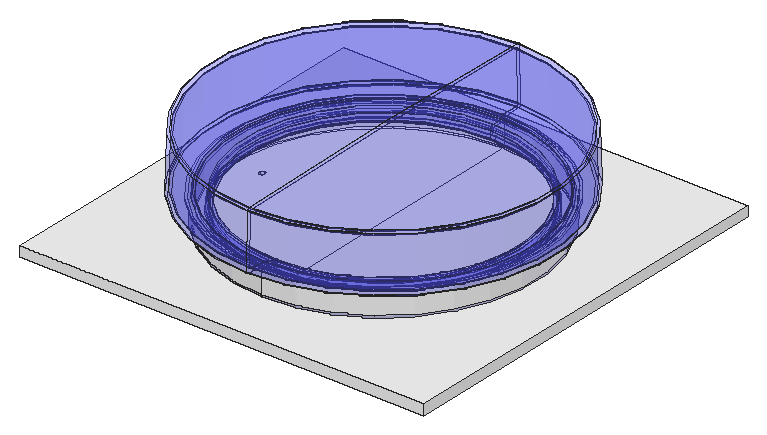
Revit family "BE_50079_de_DE", category Leuchten, Revit 2020
Family settings
  Basisbauteil = Fläche
  Bemaßung runder Anschluss = Durchmesser verwenden
  Teiletyp = Normal
  Beim Laden mit Abzugskörper schneiden = Ja
  Lichtquelle = Ja
  Gemeinsam genutzt = Nein
  Raumberechnungspunkt = Ja
Parameters (values of type "BEGA_50079_K4")
  built-in parameter 1150104 = 11.446 (stored number, unit not read)
  Wattage = 25.9 W
  Default Elevation = 0 mm
  built-in parameter 1150113 = 1 (stored number, unit not read)
  built-in parameter 1114218 = 1 (stored number, unit not read)
  Umgebungstemperatur = "25 °C"
  URL = "https://www.bega.com/de/produkt/50079"
  Typenkommentare = "© 2022 BEGA. Wir behalten uns das Recht vor, technische Änderungen ohne vorherige Ankündigung vorzunehmen."  # constant formula
  built-in parameter 1150134 = 12
  built-in parameter 1150109 = 1 (stored number, unit not read)
  Strom = ""
  built-in parameter 1150110 = 1 (stored number, unit not read)
  Spannung = 239.996 V
  Sonderanfertigung = no
  Seriennummer [instance] = "Hier können Sie die eindeutige Seriennummer für das Facility Management eintragen."
  Schutzklasse = "I"
  Schutzart = "IP 44"
  Scheinlast = 0 VA
  Produktdatenblatt = "https://cdn.bega.com/bega/products/50079K4/current/documents/data-sheets/de"
  Oberflächentemperatur = ""
  Neigungswinkel = 0.00°
  Modell = "50079K4"
  Material_17 = BEGA_Reflektor
  Material_15 = BEGA_Leuchtmedium_matt
  Material_11 = BEGA_Glas_opal
  Material_09 = BEGA_Glas_klar
  Material_06 = BEGA_Oberfläche_Edelstahl_gebürstet
  Material_03 = BEGA_Oberfläche_Weiss_matt
  Material_02 = BEGA_Oberfläche_Silber_matt
  Material_01 [instance] = BEGA_Oberfläche_Grafit_matt
  M_W = no
  M_G = no
  M_A = no
  Logo = 0
  built-in parameter 1114217 = 1 (stored number, unit not read)
  built-in parameter 1150139 = (empty or 0)
  built-in parameter 1150105 = 823.17 (stored number, unit not read)
  built-in parameter 1150114 = 1 (stored number, unit not read)
  Lumens = 3190.88 lm
  built-in parameter 1150115 = 1 (stored number, unit not read)
  Leuchtenlichtstrom = "2749 lm"
  Leuchtenanzahl = ""
  Lebensdauerkriterien = "L70B50 @ 25 °C = 119000 h"
  Lastklassifizierung = Beleuchtung
  built-in parameter 1150112 = 1 (stored number, unit not read)
  Lampenlichtstrom = "3760 lm"
  Lampe = "LED 25.3 W"
  LED_Modulbezeichnung = "LED-0570/940"
  Hersteller = "BEGA"  # constant formula
  Halbstreuwinkel = ""
  Gewicht = "2.1 kg"
  Gebrauchslageneinschränkung [instance] = ""
  Frequenz = "0/50-60 Hz"
  Farbwiedergabeindex = "CRI > 90"
  Farbtemperaturverschiebung bei Dämpfen der Lampe = <Keine Auswahl>
  Farbtemperatur = "4000 K"
  Color Filter = 16777215
  built-in parameter 1150133 = 10 (stored number, unit not read)
  Energieeffizienzklasse = "LED A++ - A"
  built-in parameter 1150137 = (empty or 0)
  built-in parameter 1150132 = (empty or 0)
  ENEC = "ja"
  Dimmbar [instance] = "DALI"
  Datei für fotometrisches Netz = "BE_50079K4.IES"
  CE_Konformität = "ja"
  Bestellnummer = "50079K4"
  Beschreibung_Sonderanfertigung = "Hier können Sie Informationen zur Sonderanfertigung eintragen."
  Beschreibung = "Decken- und Wandleuchte"
  built-in parameter 1150106 = 8.2317 (stored number, unit not read)
  Befestigungsbohrung = "Ø 5,5 mm"
  Befestigungsabstand = "240 mm"
  Ballwurfsicher = ""
  BEGA_Intern_aus = yes
  BEGA_Intern_an = yes
  BEGA_Intern_Konstruktion = yes
  BEGA_Intern = yes
  BEGA_IES = yes
  BEGA_Dummy = no
  Anschlussleitung = ""
  Anschlussleistung [instance] = "30.6 W"
  Anschlusskasten = ""
  built-in parameter 1150107 = 4000 (stored number, unit not read)
  built-in parameter 1150102 = (empty or 0)
  built-in parameter 1150138 = (empty or 0)
  Aktualisierung = "2022-05-18T04:00:07"
  Abstand_zur_angestrahlten_Fläche [instance] = ""
  AC/DC = "AC/DC"
Types (2, lengths in mm): name | built-in parameter 1150104 | built-in parameter 1150134 | Modell | built-in parameter 1150105 | Lumens | Leuchtenlichtstrom | Lampenlichtstrom | LED_Modulbezeichnung | Farbtemperatur | Datei für fotometrisches Netz | Bestellnummer | built-in parameter 1150106 | built-in parameter 1150107
  BEGA_50079_K4 | 11.446 (stored number, unit not read) | 12 | "50079K4" | 823.17 (stored number, unit not read) | 3190.88 lm | "2749 lm" | "3760 lm" | "LED-0570/940" | "4000 K" | "BE_50079K4.IES" | "50079K4" | 8.2317 (stored number, unit not read) | 4000 (stored number, unit not read)
  BEGA_50079_K3 | 11.046 (stored number, unit not read) | (empty or 0) | "50079K3" | 794.35 (stored number, unit not read) | 3079.51 lm | "2643 lm" | "3615 lm" | "LED-0570/930" | "3000 K" | "BE_50079K3.IES" | "50079K3" | 7.9435 (stored number, unit not read) | 3000 (stored number, unit not read)
Reference planes
  plane 1 "Mitte (Vorne/Hinten)": y = 0
  plane 2: z = 0
  plane 3 "Mitte (Links/Rechts)": x = 0
  plane 4 "Links": x = -169.121
  plane 5 "Rechts": x = 169.121
  plane 6 "Unten": y = -169.122
  plane 7 "Oben": y = 169.122
  plane 8 "Vorne": z = 90.821
  plane 9 "Hinten": z = 0
Forms (mm)
  Extrusion 1, solid, material "BEGA_Platte_Weiss"
    sketch origin (0, -1119.2, 0) x (1, 0, 0) y (0, 1, 0)
      loop
        line (-200, 1319.2) -> (-200, 919.2) -> (200, 919.2) -> (200, 1319.2) -> (-200, 1319.2)
    from 0 to -10
  Extrusion 2, solid, material "BEGA_Dummy_matt", visible <- "BEGA_Dummy"
    sketch origin (77.149, -76.023, 0) x (1, 0, 0) y (0, 1, 0)
      loop
        circle (-77.149, 76.023) r 170
    from 0 to 90.821
Dimensions and locks
  plane 1 "Mitte (Vorne/Hinten)" to Extrusion 1 = 200 mm
  aligned and locked: plane 2 to Extrusion 1
  aligned and locked: level to Extrusion 1
Nested families
  nested 1: "BE_50079" at (0, 0, 0), type "BE_50079"
Connectors
  electrical at (0, 0, 0), driven by "Lastklassifizierung", driven by "Spannung", driven by "Scheinlast"
    settings: index 1, voltage 239.996 V, apparent load 0 VA, apparent load phase1 0 VA, apparent load phase2 0 VA, apparent load phase3 0 VA, power factor 1, load classification "Beleuchtung", number of poles 1, system type 31, power factor state 1, is connector primary yes, connector utility no, sub classification motor no, connector description ""
Definition of nested family "BE_50079"
  Parameters (values of type "BE_50079")
    Default Elevation = 1 mm
    URL = "http://www.bega.de/de/produkt"
    Type Comments = "© 2015 BEGA. Wir behalten uns das Recht vor, technische Änderungen ohne vorherige Ankündigung vorzunehmen. "  # constant formula
    Type Image = (empty or 0)
    Neigungswinkel_um_Z2 = 0.00°
    Neigungswinkel_um_Z1 = 0.00°
    Neigungswinkel_um_Y2 = 0.00°
    Neigungswinkel_um_Y1 = 0.00°
    Neigungswinkel_um_X2 = 0.00°
    Neigungswinkel_um_X1 = 0.00°
    Material_17 = none
    Material_15 = none
    Material_11 = none
    Material_09 = none
    Material_06 = none
    Material_05 = none
    Material_03 = none
    Material_02 = none
    Material_01 = none
    M_W = yes
    M_G = yes
    M_A = yes
    Länge_Platte = 500 mm  # constant formula
    Höhe_Platte = -10 mm  # constant formula
    Manufacturer = "BEGA"  # constant formula
    Drehwinkel_um_Z2 = 0.00°
    Drehwinkel_um_Z1 = 0.00°
    Breite_Platte = 500 mm  # constant formula
  Reference planes
    plane 1 "Mitte (Oben/Unten)": y = 0
    plane 2: z = 0
    plane 3 "Mitte (Links/Rechts)": x = 0
    plane 4: y = 169.122
    plane 5: z = 90.821
    plane 6: y = -169.122
    plane 7: x = -169.121
    plane 8: x = 169.121
  Forms (mm)
    Extrusion 1, solid, detail levels medium
      sketch origin (0, 0, 0) x (1, 0, 0) y (0, 1, 0)
        loop
          line (-250, 250) -> (-250, -250) -> (250, -250) -> (250, 250) -> (-250, 250)
      from 0 to -10 <- "Höhe_Platte"
    Revolve 2, solid, material <- "Material_03", detail levels medium+fine
      sketch origin (0, 0, 0) x (0, 1, 0) y (0, 0, 1)
        loop
          line (0, 4.025) -> (0, 1.987) -> (147.527, 1.987)
          arc (147.527, 1.987) -> (149.63, 2.847) -> (150.527, 4.934) r 3
          line (150.527, 4.934) -> (150.923, 27.299)
          arc (150.923, 27.299) -> (151.132, 27.786) -> (151.623, 27.986) r 0.7
          line (151.623, 27.986) -> (153.62, 27.986) -> (153.62, 29.986) -> (151.918, 29.986)
          arc (151.918, 29.986) -> (149.819, 29.13) -> (148.918, 27.049) r 3
          line (148.918, 27.049) -> (148.527, 4.97)
          arc (148.527, 4.97) -> (148.228, 4.274) -> (147.527, 3.987) r 1
          line (147.527, 3.987) -> (0, 4.025)
        axis (0, 1.987) -> (0, 29.986)
      angle from 0 to 360
    Revolve 3, solid, material <- "Material_03", detail levels medium+fine
      sketch origin (-98.213, 0, 0) x (0, 1, 0) y (0, 0, 1)
        loop
          arc (98.302, 0) -> (101.32, 0.688) -> (103.746, 2.61) r 7
          line (103.746, 2.61) -> (98.302, 2.61) -> (98.302, 0)
        axis (98.302, 0) -> (98.302, 2.61)
      angle from 0 to 360
    Extrusion 4, void
      sketch origin (0, 0, 0) x (1, 0, 0) y (0, 1, 0)
        loop
          circle (19.918, -107.515) r 8.5
        loop
          circle (-30.082, -107.515) r 8.5
        loop
          circle (120, -0.092) r 2.75
        loop
          circle (-120, 0.092) r 2.75
      from 0 to 5.957
    Revolve 5, solid, material <- "Material_11", detail levels medium+fine
      sketch origin (0, 0, 0) x (0, 1, 0) y (0, 0, 1)
        loop
          line (0, 90.821) -> (0, 87.821)
          arc (0, 87.821) -> (81.429, 87.312) -> (162.845, 85.821) r 6761.909
          arc (162.845, 85.821) -> (164.209, 85.237) -> (164.796, 83.874) r 2
          line (164.796, 83.874) -> (166.045, 35.699)
          arc (166.045, 35.699) -> (165.505, 34.279) -> (164.123, 33.649) r 2
          line (164.123, 33.649) -> (147.569, 33.075)
          arc (147.569, 33.075) -> (146.542, 32.618) -> (146.121, 31.576) r 1.5
          line (146.121, 31.576) -> (146.12, 29.99) -> (136.119, 29.99)
          arc (136.119, 29.99) -> (133.289, 28.817) -> (132.119, 25.987) r 4
          line (132.119, 25.987) -> (132.117, 18.991)
          arc (132.117, 18.991) -> (132.849, 17.444) -> (134.509, 17.03) r 2
          arc (134.509, 17.03) -> (134.934, 16.877) -> (135.117, 16.491) r 0.5
          line (135.117, 16.491) -> (135.116, 14.991) -> (138.116, 14.99) -> (138.117, 18.417)
          arc (138.117, 18.417) -> (137.912, 19.026) -> (137.378, 19.384) r 1
          line (137.378, 19.384) -> (135.859, 19.792)
          arc (135.859, 19.792) -> (135.325, 20.148) -> (135.118, 20.756) r 1
          line (135.118, 20.756) -> (135.119, 25.991)
          arc (135.119, 25.991) -> (135.387, 26.672) -> (136.048, 26.988) r 1
          line (136.048, 26.988) -> (146.12, 26.988)
          arc (146.12, 26.988) -> (148.241, 27.866) -> (149.12, 29.987) r 3
          line (149.12, 29.987) -> (167.198, 30.753)
          arc (167.198, 30.753) -> (168.577, 31.38) -> (169.121, 32.793) r 2
          line (169.121, 32.793) -> (167.721, 86.803)
          arc (167.721, 86.803) -> (167.135, 88.166) -> (165.771, 88.75) r 2
          arc (165.771, 88.75) -> (82.892, 90.294) -> (0, 90.821) r 6764.911
        axis (0, 90.821) -> (0, 14.99)
      angle from 0 to 360
    Revolve 6, solid, material <- "Material_03", detail levels medium+fine
      sketch origin (98.213, 0, 0) x (0, 1, 0) y (0, 0, -1)
        loop
          line (98.302, 0) -> (98.302, -2.61) -> (103.746, -2.61)
          arc (103.746, -2.61) -> (101.32, -0.688) -> (98.302, 0) r 7
        axis (98.302, 0) -> (98.302, -2.61)
      angle from 0 to 360
    Revolve 7, solid, material <- "Material_03", detail levels medium+fine
      sketch origin (-98.213, 0, 0) x (0, -1, 0) y (0, 0, -1)
        loop
          line (98.302, 0) -> (98.302, -2.61) -> (103.746, -2.61)
          arc (103.746, -2.61) -> (101.32, -0.688) -> (98.302, 0) r 7
        axis (98.302, 0) -> (98.302, -2.61)
      angle from 0 to 360
    Revolve 8, solid, material <- "Material_03", detail levels medium+fine
      sketch origin (98.213, 0, 0) x (0, -1, 0) y (0, 0, 1)
        loop
          arc (98.302, 0) -> (101.32, 0.688) -> (103.746, 2.61) r 7
          line (103.746, 2.61) -> (98.302, 2.61) -> (98.302, 0)
        axis (98.302, 0) -> (98.302, 2.61)
      angle from 0 to 360
  Cuts and joins
    Extrusion 4 cuts Revolve 2
    Extrusion 4 cuts Revolve 3
    joined: Revolve 2, Revolve 3, Revolve 6, Revolve 7, Revolve 8
  Dimensions and locks
    equal spacing: Extrusion 1 sketch curve, plane 3 "Mitte (Links/Rechts)", Extrusion 1 sketch curve
    equal spacing: Extrusion 1 sketch curve, plane 1 "Mitte (Oben/Unten)", Extrusion 1 sketch curve
    "Länge_Platte": Extrusion 1 sketch curve to Extrusion 1 sketch curve
    "Breite_Platte": Extrusion 1 sketch curve to Extrusion 1 sketch curve
    aligned and locked: Extrusion 1 to plane 2
    aligned and locked: level to Extrusion 1
  Automatic sketch dimensions
    Revolve 2 sketch curve to Revolve 2 sketch curve = 0 mm  (x15)
    Revolve 2 sketch curve to plane 1 "Mitte (Oben/Unten)" = 0 mm  (x2)
    level to Revolve 2 sketch curve = 3.987 mm
    Revolve 2 sketch curve to Revolve 2 sketch curve = 1.391 mm
    Revolve 2 sketch curve to Revolve 2 sketch curve = 2.705 mm
    Revolve 2 sketch curve to Revolve 2 sketch curve = 0.295 mm
    Revolve 2 sketch curve to Revolve 2 sketch curve = 1.702 mm  (x2)
    level to Revolve 2 sketch curve = 1.987 mm
    Revolve 2 sketch curve to Revolve 2 sketch curve = 2.038 mm
    Revolve 2 sketch curve to Revolve 2 sketch curve = 1 mm  (x3)
    Revolve 2 sketch curve to Revolve 2 sketch curve = 21.999 mm
    Revolve 2 sketch curve to Revolve 2 sketch curve = 0.063 mm
    Revolve 2 sketch curve to Revolve 2 sketch curve = 0.3 mm
    Revolve 2 sketch curve to Revolve 2 sketch curve = 2 mm  (x2)
    level to Revolve 2 sketch curve = 4.97 mm
    level to Revolve 2 sketch curve = 4.934 mm
    Revolve 2 sketch curve to Revolve 2 sketch curve = 0.7 mm
    Revolve 2 sketch curve to Revolve 2 sketch curve = 3.942 mm
    Revolve 2 sketch curve to Revolve 2 sketch curve = 0.012 mm
    Revolve 3 sketch curve to level = 0 mm  (x2)
    level to Revolve 3 sketch curve = 7 mm
    Revolve 3 sketch curve to Revolve 3 sketch curve = 0.008 mm
    level to Revolve 3 sketch curve = 2.61 mm
    Revolve 3 sketch curve to Revolve 3 sketch curve = 0 mm  (x2)
    Revolve 6 sketch curve to level = 0 mm  (x2)
    level to Revolve 6 sketch curve = 7 mm
    Revolve 6 sketch curve to Revolve 6 sketch curve = 0.008 mm
    level to Revolve 6 sketch curve = 2.61 mm
    Revolve 6 sketch curve to Revolve 6 sketch curve = 0 mm  (x2)
    Revolve 7 sketch curve to level = 0 mm  (x2)
    level to Revolve 7 sketch curve = 7 mm
    Revolve 7 sketch curve to Revolve 7 sketch curve = 0.008 mm
    level to Revolve 7 sketch curve = 2.61 mm
    Revolve 7 sketch curve to Revolve 7 sketch curve = 0 mm  (x2)
    Revolve 8 sketch curve to level = 0 mm  (x2)
    level to Revolve 8 sketch curve = 7 mm
    Revolve 8 sketch curve to Revolve 8 sketch curve = 0.008 mm
    level to Revolve 8 sketch curve = 2.61 mm
    Revolve 8 sketch curve to Revolve 8 sketch curve = 0 mm  (x2)
    Extrusion 4 sketch curve to plane 3 "Mitte (Links/Rechts)" = 30.082 mm
    plane 3 "Mitte (Links/Rechts)" to Extrusion 4 sketch curve = 19.918 mm
    Revolve 2 sketch curve to plane 1 "Mitte (Oben/Unten)" = 147.527 mm
    Revolve 3 sketch curve to plane 1 "Mitte (Oben/Unten)" = 98.294 mm
    Revolve 6 sketch curve to plane 1 "Mitte (Oben/Unten)" = 98.294 mm
    Extrusion 4 sketch curve to plane 1 "Mitte (Oben/Unten)" = 0.092 mm
    plane 1 "Mitte (Oben/Unten)" to Extrusion 4 sketch curve = 0.092 mm
    plane 1 "Mitte (Oben/Unten)" to Extrusion 4 sketch curve = 107.515 mm
    Extrusion 4 sketch curve to Extrusion 4 sketch curve = 0 mm
    plane 1 "Mitte (Oben/Unten)" to Revolve 7 sketch curve = 98.294 mm
    plane 1 "Mitte (Oben/Unten)" to Revolve 8 sketch curve = 98.294 mm
    Revolve 5 sketch curve to plane 1 "Mitte (Oben/Unten)" = 0 mm  (x2)
    plane 1 "Mitte (Oben/Unten)" to Revolve 5 sketch curve = 1.594 mm
    Revolve 5 sketch curve to Revolve 5 sketch curve = 0.001 mm  (x4)
    Revolve 5 sketch curve to plane 1 "Mitte (Oben/Unten)" = 136.119 mm
    Revolve 5 sketch curve to Revolve 5 sketch curve = 10.001 mm
    Revolve 5 sketch curve to Revolve 5 sketch curve = 0 mm  (x17)
    Revolve 5 sketch curve to Revolve 5 sketch curve = 1.5 mm  (x3)
    Revolve 5 sketch curve to Revolve 5 sketch curve = 15.176 mm
    Revolve 5 sketch curve to Revolve 5 sketch curve = 14.925 mm
    level to Revolve 5 sketch curve = 33.649 mm
    Revolve 5 sketch curve to Revolve 5 sketch curve = 0.078 mm
    Revolve 5 sketch curve to Revolve 5 sketch curve = 2.925 mm
    Revolve 5 sketch curve to Revolve 5 sketch curve = 2.998 mm
    level to Revolve 5 sketch curve = 30.753 mm
    Revolve 5 sketch curve to Revolve 5 sketch curve = 0.076 mm
    level to Revolve 5 sketch curve = 32.793 mm
    Revolve 5 sketch curve to Revolve 5 sketch curve = 2 mm  (x2)
    Revolve 5 sketch curve to Revolve 5 sketch curve = 4 mm  (x2)
    Revolve 5 sketch curve to level = 6674.088 mm
    Revolve 5 sketch curve to Revolve 5 sketch curve = 0.003 mm
    Revolve 5 sketch curve to Revolve 5 sketch curve = 1.585 mm
    Revolve 5 sketch curve to Revolve 5 sketch curve = 1.998 mm
    Revolve 5 sketch curve to Revolve 5 sketch curve = 48.175 mm
    Revolve 5 sketch curve to Revolve 5 sketch curve = 2.929 mm
    level to Revolve 5 sketch curve = 87.821 mm
    Revolve 5 sketch curve to Revolve 5 sketch curve = 3 mm  (x2)
    Revolve 5 sketch curve to Revolve 5 sketch curve = 0.072 mm
    level to Revolve 5 sketch curve = 31.576 mm
    Revolve 5 sketch curve to Revolve 5 sketch curve = 0.052 mm  (x3)
    level to Revolve 5 sketch curve = 33.075 mm
    Revolve 5 sketch curve to Revolve 5 sketch curve = 0.049 mm  (x3)
    Revolve 5 sketch curve to Revolve 5 sketch curve = 1.999 mm  (x3)
    level to Revolve 5 sketch curve = 35.699 mm
    Revolve 5 sketch curve to Revolve 5 sketch curve = 0.997 mm
    Revolve 5 sketch curve to Revolve 5 sketch curve = 2.477 mm
    level to Revolve 5 sketch curve = 25.991 mm
    Revolve 5 sketch curve to Revolve 5 sketch curve = 1 mm  (x3)
    level to Revolve 5 sketch curve = 20.756 mm
    Revolve 5 sketch curve to Revolve 5 sketch curve = 0.002 mm
    Revolve 5 sketch curve to Revolve 5 sketch curve = 0.259 mm
    Revolve 5 sketch curve to Revolve 5 sketch curve = 1.258 mm
    level to Revolve 5 sketch curve = 19.384 mm
    Revolve 5 sketch curve to Revolve 5 sketch curve = 0.261 mm
    Revolve 5 sketch curve to Revolve 5 sketch curve = 0.965 mm
    level to Revolve 5 sketch curve = 19.792 mm
    level to Revolve 5 sketch curve = 14.99 mm
    level to Revolve 5 sketch curve = 14.991 mm
    level to Revolve 5 sketch curve = 16.491 mm
    Revolve 5 sketch curve to Revolve 5 sketch curve = 0.5 mm
    Revolve 5 sketch curve to Revolve 5 sketch curve = 0.098 mm
    Revolve 5 sketch curve to Revolve 5 sketch curve = 1.741 mm
    Revolve 5 sketch curve to Revolve 5 sketch curve = 0.801 mm
    level to Revolve 5 sketch curve = 18.991 mm
    Revolve 5 sketch curve to Revolve 5 sketch curve = 0.01 mm
    Extrusion 4 sketch curve to plane 3 "Mitte (Links/Rechts)" = 120 mm
    plane 3 "Mitte (Links/Rechts)" to Extrusion 4 sketch curve = 120 mm
    radius of Extrusion 4 sketch curve = 8.5 mm  (x2)
    radius of Extrusion 4 sketch curve = 2.75 mm  (x2)
